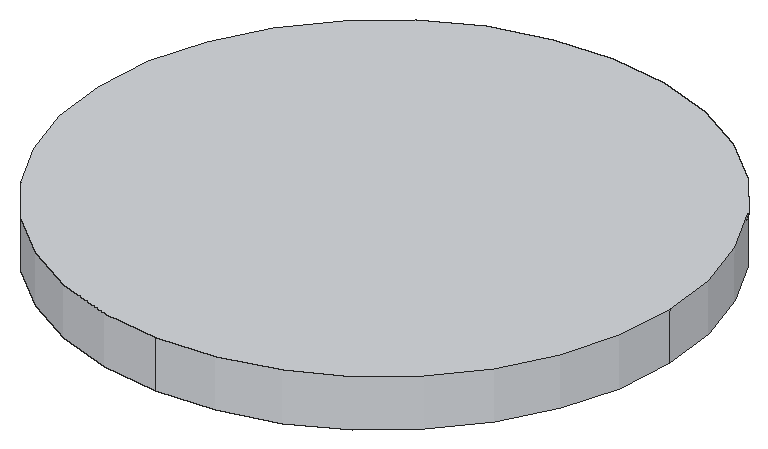
Revit family "d834ec2638c148dab6991ae0afd197b2", category Mechanical Equipment, host Face, Revit 2021
Family settings
  Host = Face
  Round Connector Dimension = Use Radius
  Part Type = Normal
  OmniClass Number = 23.75.70.21.27
  OmniClass Title = Air Outlets and Inlets
  Seek Item ID = Round Duct Connector - Other Air - Mechanical Equipment-0000-USA-ENU
  Cut with Voids When Loaded = No
  Shared = No
  Room Calculation Point = No
Parameters (values of type "Standard")
  Thickness [instance] = 1"
  Radius [instance] = 6"
  Flow [instance] = 100 CFM
  Diameter [instance] = Radius * 2  # 12"
  Default Elevation = 0' - 0"
  Assembly Code = ""
Reference planes (in)
  plane 1 "Center (Front/Back)": y = 0
  plane 2: z = 0
  plane 3 "Center (Left/Right)": x = 0
Forms (in)
  Sweep 1, solid
    path in 3D
      loop
        line (0, 0, 0) -> (0, 0, 1)
    profile "Duct - Round : Duct - Round" origin (0, 0, 0.5) x (0, -1, 0) y (1, 0, 0)
      loop
        arc (-6, 0) -> (-4.24264, -4.24264) -> (0, -6) r 6
        arc (0, -6) -> (4.24264, -4.24264) -> (6, 0) r 6
        arc (6, 0) -> (4.24264, 4.24264) -> (0, 6) r 6
        arc (0, 6) -> (-4.24264, 4.24264) -> (-6, 0) r 6
Lines and regions (in)
  reference lines
    curve 1: line (0, 0, 0) -> (0, 0, 1)
  sketch lines
    curve 2: line (0, 0, 0) -> (0, 0, 1)
Dimensions and locks (in)
  "Thickness": curve 1 to curve 1
  aligned and locked: plane 2 to host face
  aligned and locked: level to host face
  aligned and locked: host face to curve 1
  aligned and locked: curve 1 to plane 1 "Center (Front/Back)"
Automatic sketch dimensions
  host sketch curve to host sketch curve = 8' - 0"  (x2)
Connectors (in)
  hvac at (0, 0, 1), driven by "Radius", driven by "Flow"
    settings: on Sweep 1, index 1, duct flow 100 CFM, flow factor 0, pres drop 0.00 in-wg, loss coef 0, conn angle 0.00°, conn width 12", conn height 12", conn diameter 12", duct sys type 4, conn prof type 0, flow config 1, flow direction 2, loss method 0, conn ref index -1, conn util no, is conn primary yes, conn desc ""
